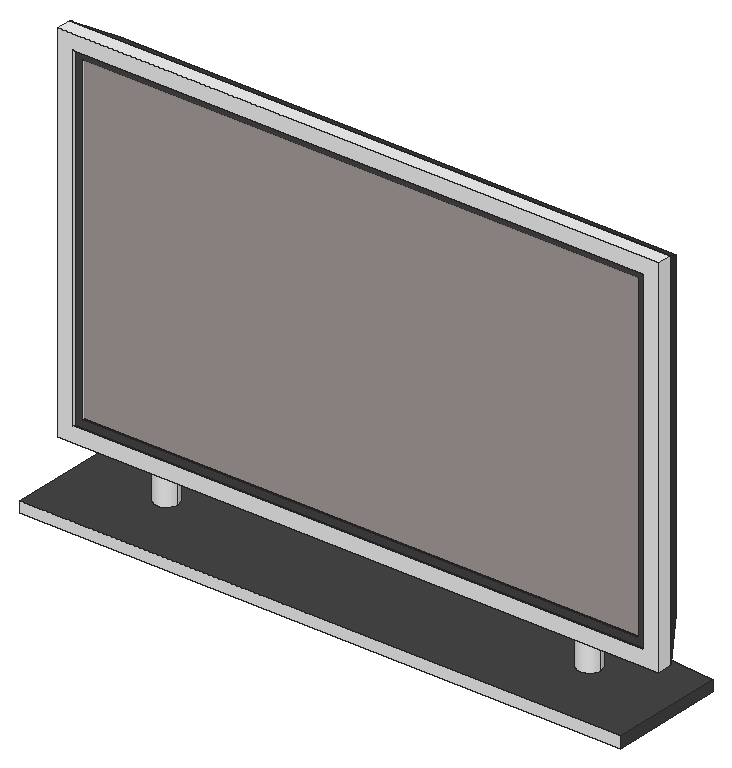
Revit family
Parameters (values of type "Dell 42" HD Plasma TV")
  URL = "http://www.dell.com"
  Speaker Width = 0' - 3 77/128"
  Screen Offset from Back = Base Depth / 3  # 0' - 3 1/4"
  Screen Height = 2' - 0 205/256"
  Screen Depth = 0' - 3 77/256"
  Model = "W4201C 42\" High Definition Plasma TV "
  Manufacturer = "Dell"
  Screen Width = 3' - 4 77/128"
  Height of Base = 0' - 3 51/256"
  Description = "Plasma Television"
  Cost = 2499
  Base Depth = 0' - 9 3/4"
  Assembly Code = ""
Types (2): name | Speaker Width | Screen Offset from Back | Screen Height | Screen Depth | Model | Screen Width | Height of Base | Cost | Base Depth
  Dell 42" HD Plasma TV | 0' - 3 77/128" | 0' - 3 1/4" | 2' - 0 205/256" | 0' - 3 77/256" | "W4201C 42\" High Definition Plasma TV " | 3' - 4 77/128" | 0' - 3 51/256" | 2499 | 0' - 9 3/4"
  Dell 50" HD Plasma TV | 0' - 3 131/256" | 0' - 3.66276" | 2' - 4 123/256" | 0' - 3 1/2" | "W5001C 50\" High Definition Plasma TV " | 3' - 11 143/256" | 0' - 3 31/256" | 3599 | 0' - 10 253/256"
Reference planes (in)
  plane 1 "Back of Base": y = 0.35
  plane 2: z = 0
  plane 3 "Center (Left/Right)": x = -30
  plane 4 "Right Side of Main Picture Frame": x = -9.69922
  plane 5 "Left Side of Main Picture Frame": x = -50.30078
  plane 6 "Right Side of Speaker": x = -6.09766
  plane 7 "Left side of Speaker": x = -53.90234
  plane 8 "Back of Screen": y = -2.9
  plane 9 "Front of Base": y = -9.4
  plane 10 "Front of Screen": y = -6.20078
  plane 11 "Front of Curved Face": y = -1.65
  plane 12 "Top of Base": z = 0.75
  plane 13 "Center of Left Side Post": x = -44.30078
  plane 14 "Center of Right Side Post": x = -15.69922
  plane 15 "Center of Posts": y = -4.55039
  plane 16 "Top of Posts": z = 3.19922
  plane 17 "Screen Height": z = 28
Forms (in)
  Extrusion 1, solid, material "Black Plastic"
    sketch origin (0, 0, 0) x (1, 0, 0) y (0, 1, 0)
      loop
        line (-50.30078, -9.4) -> (-9.69922, -9.4) -> (-9.69922, -1.65)
        arc (-9.69922, -1.65) -> (-30, 0.22013) -> (-50.30078, -1.65) r 111.12013
        line (-50.30078, -1.65) -> (-50.30078, -9.4)
    from 0 to 0.75
  Extrusion 2, solid, material "Brushed Aluminum Plastic"
    sketch origin (0, 0, 0.75) x (-1, 0, 0) y (0, -1, 0)
      loop
        circle (44.30078, 4.55039) r 0.75
      loop
        circle (15.69922, 4.55039) r 0.75
    from 0 to 2.44922
  Extrusion 3, solid, material "Brushed Aluminum Plastic"
    sketch origin (0, 0, 3.19922) x (-1, 0, 0) y (0, -1, 0)
      loop
        line (50.30078, 6.20078) -> (9.69922, 6.20078) -> (9.69922, 5.20078) -> (50.30078, 5.20078) -> (50.30078, 6.20078)
    from 0 to 24.80078
  Extrusion 4, void
    sketch origin (-50.30078, -6.20078, 3.19922) x (-1, 0, 0) y (0, 0, 1)
      loop
        line (-1, 23.80078) -> (-39.60156, 23.80078) -> (-39.60156, 1) -> (-1, 1) -> (-1, 23.80078)
    from 0 to 0.1875
  Extrusion 5, void
    sketch origin (-50.30078, -6.01328, 3.19922) x (-1, 0, 0) y (0, 0, 1)
      loop
        line (-1.5, 23.30078) -> (-39.10156, 23.30078) -> (-39.10156, 1.5) -> (-1.5, 1.5) -> (-1.5, 23.30078)
    from 0 to 0.125
  Blend 6, solid, material "Black Plastic"
    base sketch origin (-9.69922, -5.20078, 3.19922) x (-1, 0, 0) y (0, 0, 1)
      loop
        line (0, 0) -> (40.60156, 0) -> (40.60156, 24.80078) -> (0, 24.80078) -> (0, 0)
    top sketch origin (-9.69922, -5.20078, 3.19922) x (-1, 0, 0) y (0, 0, 1)
      loop
        line (1.5, 1.5) -> (39.10156, 1.5) -> (39.10156, 23.30078) -> (1.5, 23.30078) -> (1.5, 1.5)
    from 0 to 2.30078
Cuts and joins
  Extrusion 4, Extrusion 5 cuts Extrusion 3
